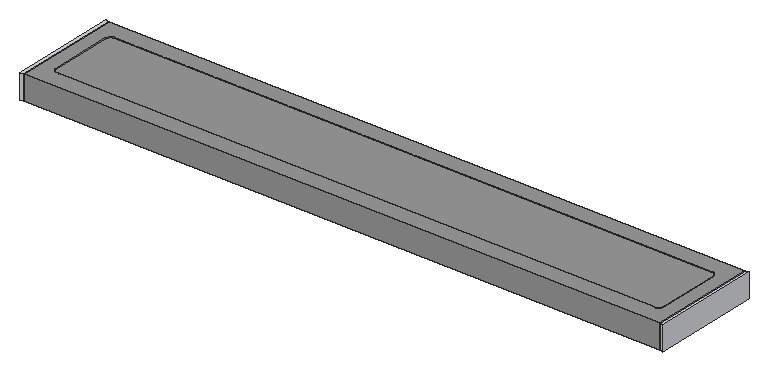
Revit family "0044076 Sylvania Lighting Fixture OPTIX S 1200 MPO D HO 4000K EM WHITE", category Lighting Fixtures, host Face, Revit 2016
Family settings
  Host = Face
  Part Type = Normal
  Round Connector Dimension = Use Diameter
  OmniClass Number = 23.80.70.00
  OmniClass Title = Lighting
  Cut with Voids When Loaded = No
  Light Source = Yes
  Shared = No
  Room Calculation Point = No
Parameters (values of type "0044076 OPTIX S 1200 MPO D HO 4K EM WHITE")
  spacer height = 5 mm
  spacer centres = 1000 mm
  lens width = 1135 mm
  full length = 1200 mm
  Width = 200 mm
  Weight = "n/a"
  Wattage Comments = ""
  Wattage = 9.2903 W
  WarrantyStartDate [instance] = "n/a"
  WarrantyGuarantorParts = "n/a"
  WarrantyDurationUnit = "n/a"
  WarrantyDurationParts = ""
  WarrantyDescription = "http://www.sylvania-lighting.com"
  built-in parameter 1150110 = 1 (stored number, unit not read)
  Voltage = 0 V
  URL = "0.95"
  TypeName = "OPTIX S 1200 MPO D HO 4000K EM WHITE"
  Type Image = <None>
  Type Comments = "n/a"
  built-in parameter 1114217 = 1 (stored number, unit not read)
  Tilt Angle = 90.00°
  built-in parameter 1150109 = 1 (stored number, unit not read)
  built-in parameter 1150134 = 3
  built-in parameter 1150113 = 1 (stored number, unit not read)
  SerialNumber [instance] = "n/a"
  Photometric Web File = "0044076.ies"
  Material_3_FEILO = none
  PowerFactor = 0
  PowerConsumption = "Lighting"
  NominalLength = 200 mm
  NominalHeight = 0 mm
  NominalDepth = 0 mm
  Name = "OPTIX S 1200 MPO D HO 4000K EM WHITE"
  ModelReference = Name  # "OPTIX S 1200 MPO D HO 4000K EM WHITE"
  ModelNumber = "0044076"
  Model = Name  # "OPTIX S 1200 MPO D HO 4000K EM WHITE"
  Material = "Feilo Sylvania"
  ManufacturerName = "107 lm/W"
  Manufacturer = ""
  LuminousEfficacy = ""
  built-in parameter 1150105 = 109.82 (stored number, unit not read)
  Lumens = 1380 lm
  LuminaireType = "0"
  built-in parameter 1150115 = 1 (stored number, unit not read)
  LightOutputRatio = "LED"
  built-in parameter 1150137 = (empty or 0)
  built-in parameter 1150139 = (empty or 0)
  Lens Width = 135 mm
  Length = 1188 mm
  LampsType = Lamp  # "n/a"
  LampNominalLuminous = "4000 K"
  LampMacAdamStep = "80"
  LampColourTemperature = "LED"
  LampColourRenderingIndex = "16500"
  built-in parameter 1150112 = 1 (stored number, unit not read)
  built-in parameter 1150114 = 1 (stored number, unit not read)
  Lamp = "n/a"
  Keynote = "n/a"
  InstallationDate [instance] = "n/a"
  InputVoltage = "0"
  InputNominalFrequency = "4000"
  built-in parameter 1150132 = (empty or 0)
  built-in parameter 1150102 = (empty or 0)
  built-in parameter 1150107 = 3200 (stored number, unit not read)
  built-in parameter 1150138 = (empty or 0)
  IngressProtection = "IfcLightFixtureType"
  ImpactProtectionIndex = "IfcLightFixtureType"
  built-in parameter 1150106 = 1.0982 (stored number, unit not read)
  IfcExportType = "IfcLightFixtureType"
  IfcExportAs = "Class I"
  Height = 50 mm
  ExpectedLife = 50000
  Emit from Circle Diameter = 609.6 mm
  Emit Shape Visible in Rendering = no
  ElectricShockClassification = "107"
  built-in parameter 1150104 = 13.8 (stored number, unit not read)
  DurationUnit = "hours"
  DocumentationLiterature = "http://www.sylvania-lighting.com/product/en-int/products/0044076"
  DimmingControlOptions = "n/a"
  Material_2_FEILO = none
  Dimming Lamp Color Temperature Shift = <None>
  Description = "OPTIX S 1200 MPO D HO 4K EM WHITE is a high efficacy low glare surface or suspended LED Linear luminaire with Micro Prismatic Optic, with direct light distribution, luminaire dimensions: 1200x200x50mm, Sylvania White body colour (RAL9016), IP20, IK07, Constant current driver, 3hr maintained emergency version, low LED flicker (+/-5%), Neutral White (4000K) LED Colour Temperature, 3550lm luminous flux, 33W power consumption, 107lm/W system efficacy, CRI>80, SDCM 3 (3-step MacAdam ellipse) LED Colour Consistency, UGR<20, Luminance at 65° < 3000 cd/m2, lumen maintenance: L90B50 at 60000h, photobiological safety risk group 1. Electrical protection Class I."
  Default Elevation = 1219.2 mm
  CreatedOn = "20/10/2020"
  CreatedBy = "@sylvania-lighting.com"
  Cost = 0
  Color Filter = 16777215
  built-in parameter 1114216 [instance] = (empty or 0)
  ClassificationValue = "EF_70_80"
  ClassificationName = "Uniclass2015"
  Material_1_FEILO = none
  BarCode [instance] = "n/a"
  built-in parameter 1114218 = 1 (stored number, unit not read)
  built-in parameter 1150133 = 10 (stored number, unit not read)
  AssetType = "Fixed"
  AssetIdentifier [instance] = "n/a"
  Assembly Code = "D5020200"
  Apparent Load = 33 VA
  Material_4_FEILO = none
Reference planes
  plane 1 "Center (Front/Back)": y = 0
  plane 2: z = 0
  plane 3 "Center (Left/Right)": x = 0
  plane 4: z = 0
  plane 5: z = 50
  plane 6: y = 100
  plane 7: y = -100
  plane 8: x = -594
  plane 9: x = 594
  plane 10: z = 5
  plane 11: x = -500
  plane 12: x = 500
  plane 13: y = 10
  plane 14: y = -10
  plane 15: x = 487.5
  plane 16: x = 512.5
  plane 17: x = -512.5
  plane 18: x = -487.5
  plane 19: x = -567.5
  plane 20: x = 567.5
  plane 21: y = 67.5
  plane 22: y = -67.5
  plane 23: x = -557.5
  plane 24: y = 57.5
  plane 25: y = -57.5
  plane 26: x = 557.5
  plane 27: x = -600
  plane 28: x = 600
Forms (mm)
  Extrusion 1, solid, material "Aluminum 1100-H18", detail levels medium+fine
    sketch origin (4.2, 0, 0) x (1, 0, 0) y (0, 1, 0)
      loop
        line (-598.2, 100) -> (-598.2, -100) -> (589.8, -100) -> (589.8, 100) -> (-598.2, 100)
    from 5 to 50
  Extrusion 2, solid
    sketch origin (4.2, 0, 0) x (1, 0, 0) y (0, 1, 0)
      loop
        line (483.3, 10) -> (483.3, -10) -> (508.3, -10) -> (508.3, 10) -> (483.3, 10)
    from 0 to 5
  Extrusion 3, solid
    sketch origin (4.2, 0, 0) x (1, 0, 0) y (0, 1, 0)
      loop
        line (-516.7, 10) -> (-516.7, -10) -> (-491.7, -10) -> (-491.7, 10) -> (-516.7, 10)
    from 0 to 5
  Extrusion 4, void, detail levels fine
    sketch origin (4.2, 0, 0) x (0, 1, 0) y (1, 0, 0)
      loop
        line (67.5, -561.7) -> (67.5, 553.3)
        arc (67.5, 553.3) -> (64.571, 560.371) -> (57.5, 563.3) r 10
        line (57.5, 563.3) -> (-57.5, 563.3)
        arc (-57.5, 563.3) -> (-64.571, 560.371) -> (-67.5, 553.3) r 10
        line (-67.5, 553.3) -> (-67.5, -561.7)
        arc (-67.5, -561.7) -> (-64.571, -568.771) -> (-57.5, -571.7) r 10
        line (-57.5, -571.7) -> (57.5, -571.7)
        arc (57.5, -571.7) -> (64.571, -568.771) -> (67.5, -561.7) r 10
    from -50 to -48
  Extrusion 5, solid, detail levels medium+fine
    sketch origin (4.2, 0, 0) x (1, 0, 0) y (0, 1, 0)
      loop
        line (-604.2, 100) -> (-604.2, -100) -> (-598.2, -100) -> (-598.2, 100) -> (-604.2, 100)
    from 5 to 50
  Extrusion 6, solid, detail levels medium+fine
    sketch origin (4.2, 0, 0) x (1, 0, 0) y (0, 1, 0)
      loop
        line (589.8, 100) -> (589.8, -100) -> (595.8, -100) -> (595.8, 100) -> (589.8, 100)
    from 5 to 50
  Extrusion 7, solid, material "Glass, White, High Luminance", detail levels fine
    sketch origin (4.2, 0, 0) x (1, 0, 0) y (0, 1, 0)
      loop
        arc (-561.7, 67.5) -> (-568.771, 64.571) -> (-571.7, 57.5) r 10
        line (-571.7, 57.5) -> (-571.7, -57.5)
        arc (-571.7, -57.5) -> (-568.771, -64.571) -> (-561.7, -67.5) r 10
        line (-561.7, -67.5) -> (553.3, -67.5)
        arc (553.3, -67.5) -> (560.371, -64.571) -> (563.3, -57.5) r 10
        line (563.3, -57.5) -> (563.3, 57.5)
        arc (563.3, 57.5) -> (560.371, 64.571) -> (553.3, 67.5) r 10
        line (553.3, 67.5) -> (-561.7, 67.5)
    from 48 to 49.5
  Extrusion 8, solid, detail levels coarse
    sketch origin (4.2, 0, 0) x (1, 0, 0) y (0, 1, 0)
      loop
        line (-604.2, 100) -> (-604.2, -100) -> (595.8, -100) -> (595.8, 100) -> (-604.2, 100)
    from 0 to 50
Cuts and joins
  Extrusion 4 cuts Extrusion 2
  Extrusion 4 cuts Extrusion 3
  Extrusion 4 cuts Extrusion 1
Dimensions and locks
  "Width": plane 6 to plane 7
  equal spacing: plane 6, plane 1 "Center (Front/Back)", plane 7
  "Length": plane 8 to plane 9
  equal spacing: plane 8, plane 3 "Center (Left/Right)", plane 9
  "spacer height": plane 10 to host face
  "Height": plane 5 to level
  "spacer centres": plane 11 to plane 12
  equal spacing: plane 11, plane 3 "Center (Left/Right)", plane 12
  "lens width": plane 19 to plane 20
  equal spacing: plane 19, plane 3 "Center (Left/Right)", plane 20
  "Lens Width": plane 21 to plane 22
  equal spacing: plane 21, plane 1 "Center (Front/Back)", plane 22
  "full length": plane 27 to plane 28
  equal spacing: plane 27, plane 3 "Center (Left/Right)", plane 28
  aligned and locked: plane 2 to host face
  aligned and locked: level to host face
Automatic sketch dimensions
  host sketch curve to host sketch curve = 2438.4 mm  (x2)
  Extrusion 1 sketch curve to plane 7 = 0 mm
  Extrusion 1 sketch curve to plane 8 = 0 mm
  Extrusion 1 sketch curve to plane 9 = 0 mm
  Extrusion 1 sketch curve to plane 6 = 0 mm
  Extrusion 2 sketch curve to plane 14 = 0 mm
  Extrusion 2 sketch curve to plane 15 = 0 mm
  Extrusion 2 sketch curve to plane 16 = 0 mm
  Extrusion 2 sketch curve to plane 13 = 0 mm
  Extrusion 3 sketch curve to plane 14 = 0 mm
  Extrusion 3 sketch curve to plane 17 = 0 mm
  Extrusion 3 sketch curve to plane 18 = 0 mm
  Extrusion 3 sketch curve to plane 13 = 0 mm
  Extrusion 4 sketch curve to plane 22 = 0 mm
  Extrusion 4 sketch curve to plane 19 = 0 mm
  Extrusion 4 sketch curve to plane 25 = 0 mm  (x2)
  Extrusion 4 sketch curve to plane 20 = 0 mm
  Extrusion 4 sketch curve to plane 24 = 0 mm  (x2)
  Extrusion 4 sketch curve to plane 23 = 0 mm
  Extrusion 5 sketch curve to plane 7 = 0 mm
  Extrusion 5 sketch curve to plane 27 = 0 mm
  Extrusion 5 sketch curve to plane 8 = 0 mm
  Extrusion 5 sketch curve to plane 6 = 0 mm
  Extrusion 6 sketch curve to plane 7 = 0 mm
  Extrusion 6 sketch curve to plane 9 = 0 mm
  Extrusion 6 sketch curve to plane 28 = 0 mm
  Extrusion 6 sketch curve to plane 6 = 0 mm
  Extrusion 7 sketch curve to plane 23 = 0 mm  (x2)
  Extrusion 7 sketch curve to plane 21 = 0 mm
  Extrusion 7 sketch curve to plane 22 = 0 mm
  Extrusion 7 sketch curve to plane 26 = 0 mm  (x2)
  Extrusion 7 sketch curve to plane 20 = 0 mm
  Extrusion 7 sketch curve to plane 24 = 0 mm
  Extrusion 8 sketch curve to plane 7 = 0 mm
  Extrusion 8 sketch curve to plane 27 = 0 mm
  Extrusion 8 sketch curve to plane 28 = 0 mm
  Extrusion 8 sketch curve to plane 6 = 0 mm
Connectors
  electrical at (0, 0, 0), driven by "Apparent Load", driven by "PowerFactor", driven by "Voltage"
    settings: index 1, voltage 0 V, apparent load 33 VA, apparent load phase1 0 VA, apparent load phase2 0 VA, apparent load phase3 0 VA, power factor 0, load classification "Lighting", number of poles 1, system type 30, power factor state 1, is connector primary yes, connector utility no, sub classification motor no, connector description ""
